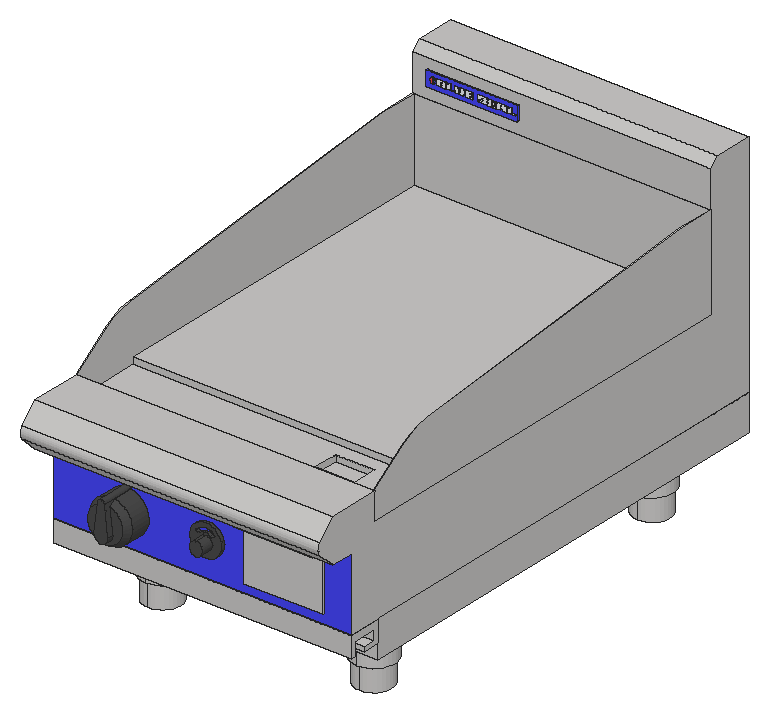
Revit family "QF_MOFFAT_BLUESEAL_CE_GP513-B", category Specialty Equipment, Revit 2012
Parameters
  Width = 450 mm
  Weight in Pounds = 169  # constant formula
  URL Cutsheet = "www.moffat.com"
  URL = "www.moffat.com"
  Type Mark [instance] = ""
  Status [instance] = ""
  Specification by User [instance] = ""
  Specification by Manufacturer = ""
  Show Logo [instance] = yes
  Serial Number = ""
  Seismic Rating = ""
  SMACNA No = ""
  Revision Code [instance] = ""
  Omniclass Number and Title = ""
  NAFEM Spec ID Number = ""
  Model = "GP513-B"
  Mechanical Remarks = ""
  Mechanical Connection Type = ""
  Masterspec = ""
  Manufacturer = "MOFFAT BLUESEAL"
  Keynote = ""
  Item Number [instance] = ""
  Installed By [instance] = ""
  Identify Quantity as Lot [instance] = yes
  Gas Size = 3/4"
  Gas RI Height [instance] = 0 mm
  Gas KW = 11.1
  Gas Input = 37912.0 Btu/h
  Gas Connection Height = 0 mm
  Furnished By [instance] = ""
  Foodservice Equipment Identifier [instance] = yes
  Description = "450MM GAS GRIDDLE PLATE BENCH MOUNT"
  Depth = 812 mm
  CSI MasterFormat = ""
  CSI Master Format = ""
  Base Height [instance] = 85 mm  # constant formula
Reference planes
  plane 1 "BACK": y = 0
  plane 2: z = 0
  plane 3 "LEFT": x = 0
  plane 4 "RIGHT": x = 450
  plane 5 "FRONT": y = -812
  plane 6 "TOP": z = 370
  plane 7 "Center Y": x = 225
  plane 8 "Center X": y = -406
  plane 9 "Base Height": z = 85
  plane 10: z = 110
  plane 11: y = -31
  plane 12: z = 485
  plane 13: y = -100
  plane 14: y = -625
Forms (mm)
  Extrusion 1, solid, material "QF_Finishes_Stainless Steel"
    sketch origin (0, 0, 0) x (0, 1, 0) y (0, 0, 1)
      loop
        line (-749, 250) -> (-749, 140) -> (0, 140) -> (0, 485) -> (-57.5, 485) -> (-70, 472.5) -> (-70, 275) -> (-705, 275) -> (-705, 315) -> (-783.97, 315) -> (-808.485, 290.485)
        arc (-808.485, 290.485) -> (-811.999, 282) -> (-808.485, 273.515) r 12
        line (-808.485, 273.515) -> (-784.97, 250) -> (-749, 250)
      loop
        line (0, 85) -> (0, 139.206) -> (-699, 139.206) -> (-699, 85) -> (0, 85)
      loop
        line (-749, 139.206) -> (-749, 107.019) -> (-742.6, 107.019) -> (-742.6, 127.806) -> (-706.181, 127.806) -> (-706.181, 113.419) -> (-724.781, 113.419) -> (-724.781, 107.019) -> (-699.806, 107.019) -> (-699.806, 139.206) -> (-749, 139.206)
    from 0 to 450
  Revolve 2, solid, material "QF_Finishes_Stainless Steel"
    sketch origin (65.5, -728, 0) x (0, 1, 0) y (0, 0, 1)
      loop
        line (71.25, 85) -> (71.25, 35) -> (75.5, 35) -> (75.5, 0) -> (103, 0) -> (103, 85) -> (71.25, 85)
      axis (103, 85) -> (103, 0)
    angle from 0 to 360
  Revolve 3, solid, material "QF_Finishes_Stainless Steel"
    sketch origin (65.5, -211, 0) x (0, 1, 0) y (0, 0, 1)
      loop
        line (79.25, 85) -> (79.25, 35) -> (83.5, 35) -> (83.5, 0) -> (111, 0) -> (111, 85) -> (79.25, 85)
      axis (111, 85) -> (111, 0)
    angle from 0 to 360
  Revolve 4, solid, material "QF_Finishes_Black"
    sketch origin (119.018, 0, 22.808) x (0, -1, 0) y (0, 0, -1)
      loop
        line (789, -204.605) -> (800, -198.757) -> (800, -172.105) -> (749, -172.105) -> (749, -177.105) -> (759, -177.105) -> (759, -204.605) -> (789, -204.605)
      axis (800, -172.105) -> (749, -172.105)
    angle from 0 to 360
  Extrusion 5, solid, material "QF_Finishes_Black"
    sketch origin (184.951, 0, -79.102) x (-1, 0, 0) y (0, 0, -1)
      loop
        line (55.512, -263.597) -> (60.932, -306.515)
        arc (60.932, -306.515) -> (65.931, -311.402) -> (70.93, -306.515) r 5
        line (70.93, -306.515) -> (76.418, -262.43)
        arc (76.418, -262.43) -> (65.347, -251.931) -> (55.512, -263.597) r 10.487
    from 759 to 808
  Extrusion 6, solid, material "QF_Finishes_Stainless Steel"
    sketch origin (0, 0, 85) x (-1, 0, 0) y (0, 1, 0)
      loop
        circle (-320, -32) r 9.525
    from 0 to 15
  Revolve 7, solid, material "QF_Finishes_Stainless Steel"
    sketch origin (384.5, -728, 0) x (0, 1, 0) y (0, 0, -1)
      loop
        line (71.25, -85) -> (103, -85) -> (103, 0) -> (75.5, 0) -> (75.5, -35) -> (71.25, -35) -> (71.25, -85)
      axis (103, -85) -> (103, 0)
    angle from 0 to 360
  Revolve 8, solid, material "QF_Finishes_Stainless Steel"
    sketch origin (384.5, -211, 0) x (0, 1, 0) y (0, 0, -1)
      loop
        line (79.25, -85) -> (111, -85) -> (111, 0) -> (83.5, 0) -> (83.5, -35) -> (79.25, -35) -> (79.25, -85)
      axis (111, -85) -> (111, 0)
    angle from 0 to 360
  Extrusion 9, solid, material "QF_Finishes_Black"
    sketch origin (-1.25, -749, 264.021) x (0, 0, -1) y (1, 0, 0)
      loop
        circle (70, 235) r 24
      loop
        arc (60.1, 249.913) -> (52.064, 235.125) -> (59.882, 220.219) r 17.868
        arc (59.882, 220.219) -> (60.362, 219.934) -> (60.877, 220.149) r 0.621
        arc (60.877, 220.149) -> (62.314, 222.708) -> (62.658, 225.622) r 7.495
        arc (62.658, 225.622) -> (62.454, 226.55) -> (62.006, 227.388) r 3.472
        arc (62.006, 227.388) -> (59.714, 234.851) -> (61.844, 242.362) r 13.786
        arc (61.844, 242.362) -> (62.484, 243.632) -> (62.749, 245.028) r 5.101
        arc (62.749, 245.028) -> (62.378, 247.547) -> (61.084, 249.739) r 6.611
        arc (61.084, 249.739) -> (60.622, 249.997) -> (60.1, 249.913) r 0.806
    from 0 to 5
  Extrusion 10, solid, material "QF_Finishes_Black"
    sketch origin (-1.25, -754, 264.021) x (0, 0, -1) y (1, 0, 0)
      loop
        circle (73.5, 235) r 10
    from 0 to 18.251
  Extrusion 11, solid, material "QF_Finishes_Stainless Steel"
    sketch origin (450, -749, 267.771) x (0, 0, -1) y (1, 0, 0)
      loop
        line (26.5, -161) -> (113.5, -161) -> (113.5, -42) -> (26.5, -42) -> (26.5, -161)
    from 0 to 2.5
  Extrusion 12, solid, material "QF_Finishes_Stainless Steel"
    sketch origin (450, 0, -598.229) x (0, -1, 0) y (0, 0, 1)
      loop
        line (751.5, 839.5) -> (751.5, 837) -> (769.695, 837) -> (769.695, 839.5) -> (751.5, 839.5)
    from 42 to 161
Cuts and joins
  joined: Revolve 4, Extrusion 5
Lines and regions (mm)
  Split face 1
    outline origin (0, -56.5, 485) x (0, 1, 0) y (-1, 0, 0)
      loop
        arc (38.115, -32.794) -> (33.115, -24.134) -> (23.115, -24.134) r 10
        line (23.115, -24.134) -> (16.115, -28.176)
        arc (16.115, -28.176) -> (12.455, -31.836) -> (11.115, -36.836) r 10
        line (11.115, -36.836) -> (11.115, -414.794)
        arc (11.115, -414.794) -> (16.115, -423.455) -> (26.115, -423.455) r 10
        line (26.115, -423.455) -> (33.115, -419.413)
        arc (33.115, -419.413) -> (36.775, -415.753) -> (38.115, -410.753) r 10
        line (38.115, -410.753) -> (38.115, -32.794)
  symbolic lines
    curve 1: line (0, 0, 0) -> (0, -812, 0)
    curve 2: line (450, 0, 0) -> (0, 0, 0)
    curve 3: line (450, -812, 0) -> (450, 0, 0)
    curve 4: line (0, -70, 0) -> (450, -70, 0)
    curve 5: line (0, -812, 0) -> (450, -812, 0)
    curve 6: line (450, -705, 0) -> (0, -705, 0)
    curve 7: line (0, -783.97, 0) -> (450, -783.97, 0)
    curve 8: line (0, -57.5, 0) -> (450, -57.5, 0)
    curve 9: line (2, -705, 0) -> (2, -70, 0)
    curve 10: line (448, -70, 0) -> (448, -705, 0)
    curve 11: line (410.753, -18.385, 0) -> (32.794, -18.385, 0)
    curve 12: arc (32.794, -18.385, 0) -> (24.134, -23.385, 0) -> (24.134, -33.385, 0) r 10
    curve 13: line (24.134, -33.385, 0) -> (28.176, -40.385, 0)
    curve 14: arc (28.176, -40.385, 0) -> (31.836, -44.045, 0) -> (36.836, -45.385, 0) r 10
    curve 15: line (36.836, -45.385, 0) -> (414.794, -45.385, 0)
    curve 16: arc (414.794, -45.385, 0) -> (423.455, -40.385, 0) -> (423.455, -30.385, 0) r 10
    curve 17: line (423.455, -30.385, 0) -> (419.413, -23.385, 0)
    curve 18: arc (419.413, -23.385, 0) -> (415.753, -19.725, 0) -> (410.753, -18.385, 0) r 10
Dimensions and locks
  equal spacing: plane 3 "LEFT", plane 7 "Center Y", plane 4 "RIGHT"
  "Width": plane 3 "LEFT" to plane 4 "RIGHT"
  equal spacing: plane 5 "FRONT", plane 8 "Center X", plane 1 "BACK"
  "Depth": plane 5 "FRONT" to plane 1 "BACK"
  equal spacing: plane 4 "RIGHT", plane 7 "Center Y", plane 3 "LEFT"
  plane 4 "RIGHT" to plane 3 "LEFT" = 450 mm
  plane 5 "FRONT" to plane 1 "BACK" = 812 mm
  "Base Height": plane 9 "Base Height" to level
  Revolve 4 sketch curve to Revolve 4 sketch curve to Revolve 4 sketch curve to Revolve 4 sketch curve = 5.849 mm locked, 21.651 mm locked, 5 mm locked
  plane 10 to level = 110 mm
  plane 11 to plane 1 "BACK" = 31 mm
  locked: plane 12 to plane 9 "Base Height" at 400
  plane 14 to plane 13 = 525 mm
  Extrusion 6 sketch curve to plane 4 "RIGHT" = 130 mm
  aligned and locked: level to plane 2
  aligned and locked: curve 3 to plane 4 "RIGHT"
  aligned and locked: Revolve 4 sketch curve to Extrusion 1
  aligned and locked: Extrusion 1 sketch curve to plane 12
Automatic sketch dimensions
  Extrusion 1 sketch curve to plane 9 "Base Height" = 0 mm
  Extrusion 1 sketch curve to plane 1 "BACK" = 0 mm  (x2)
  Extrusion 1 sketch curve to plane 11 = 26.5 mm
  Extrusion 1 sketch curve to Extrusion 1 sketch curve = 12.5 mm
  plane 10 to Extrusion 1 sketch curve = 29.206 mm
  Extrusion 1 sketch curve to plane 14 = 74 mm
  Extrusion 1 sketch curve to plane 10 = 2.981 mm  (x2)
  Extrusion 1 sketch curve to Extrusion 1 sketch curve = 0.806 mm
  Extrusion 1 sketch curve to plane 14 = 80 mm
  Extrusion 1 sketch curve to Extrusion 1 sketch curve = 6.376 mm
  Extrusion 1 sketch curve to Extrusion 1 sketch curve = 18.6 mm
  Extrusion 1 sketch curve to Extrusion 1 sketch curve = 17.819 mm
  Extrusion 1 sketch curve to Extrusion 1 sketch curve = 6.4 mm
  Extrusion 1 sketch curve to Extrusion 1 sketch curve = 0 mm  (x2)
  Extrusion 1 sketch curve to plane 5 "FRONT" = 28.03 mm
  Extrusion 1 sketch curve to plane 5 "FRONT" = 27.03 mm
  Extrusion 1 sketch curve to plane 5 "FRONT" = 12.001 mm
  Extrusion 1 sketch curve to plane 5 "FRONT" = 3.515 mm  (x2)
  plane 10 to Extrusion 1 sketch curve = 3.419 mm
  plane 10 to Extrusion 1 sketch curve = 17.806 mm
  Extrusion 1 sketch curve to Extrusion 1 sketch curve = 0.794 mm
  Extrusion 1 sketch curve to Extrusion 1 sketch curve = 110 mm
  Extrusion 1 sketch curve to Extrusion 1 sketch curve = 23.515 mm
  Extrusion 1 sketch curve to plane 6 "TOP" = 95 mm
  Extrusion 1 sketch curve to Extrusion 1 sketch curve = 8.485 mm
  Extrusion 1 sketch curve to Extrusion 1 sketch curve = 24.515 mm
  Extrusion 1 sketch curve to plane 12 = 12.5 mm
  Revolve 2 sketch curve to plane 9 "Base Height" = 0 mm
  Revolve 2 sketch curve to level = 0 mm
  Revolve 2 sketch curve to plane 14 = 0 mm  (x2)
  Revolve 2 sketch curve to Revolve 2 sketch curve = 27.5 mm
  Revolve 2 sketch curve to Revolve 2 sketch curve = 31.75 mm
  Revolve 2 sketch curve to Revolve 2 sketch curve = 55 mm
  level to Revolve 2 sketch curve = 35 mm
  Revolve 2 sketch curve to Revolve 2 sketch curve = 30 mm
  Revolve 3 sketch curve to plane 9 "Base Height" = 0 mm
  Revolve 3 sketch curve to level = 0 mm
  Revolve 3 sketch curve to plane 13 = 0 mm  (x2)
  Revolve 3 sketch curve to Revolve 3 sketch curve = 27.5 mm
  Revolve 3 sketch curve to Revolve 3 sketch curve = 31.75 mm
  Revolve 3 sketch curve to Revolve 3 sketch curve = 55 mm
  level to Revolve 3 sketch curve = 35 mm
  Revolve 3 sketch curve to Revolve 3 sketch curve = 30 mm
  Revolve 4 sketch curve to Revolve 4 sketch curve = 10 mm
  Revolve 4 sketch curve to Revolve 4 sketch curve = 21.3 mm
  Revolve 4 sketch curve to plane 5 "FRONT" = 23 mm
  Revolve 4 sketch curve to plane 5 "FRONT" = 12 mm
  Revolve 4 sketch curve to Revolve 4 sketch curve = 0 mm  (x2)
  plane 10 to Revolve 4 sketch curve = 117.413 mm
  Extrusion 5 sketch curve to plane 7 "Center Y" = 95.56 mm
  Extrusion 5 sketch curve to plane 7 "Center Y" = 100.981 mm
  Extrusion 5 sketch curve to Extrusion 5 sketch curve = 4.999 mm  (x2)
  plane 10 to Extrusion 5 sketch curve = 117.413 mm
  Extrusion 5 sketch curve to Extrusion 5 sketch curve = 0.113 mm
  Extrusion 5 sketch curve to Extrusion 5 sketch curve = 42.919 mm
  Extrusion 5 sketch curve to Extrusion 5 sketch curve = 1.167 mm
  Extrusion 1 to Extrusion 6 sketch curve = 32 mm
  Split face 1 sketch curve to Extrusion 1 = 12.115 mm
  Split face 1 sketch curve to Split face 1 sketch curve = 5 mm  (x3)
  Split face 1 sketch curve to Split face 1 sketch curve = 10 mm  (x2)
  Split face 1 sketch curve to Split face 1 sketch curve = 7 mm  (x4)
  Split face 1 sketch curve to Extrusion 1 = 26.545 mm
  Split face 1 sketch curve to Split face 1 sketch curve = 4.041 mm  (x2)
  Split face 1 sketch curve to Extrusion 1 = 36.836 mm
  Revolve 7 sketch curve to plane 9 "Base Height" = 0 mm
  Revolve 7 sketch curve to level = 0 mm
  Revolve 7 sketch curve to plane 14 = 0 mm  (x2)
  Revolve 7 sketch curve to Revolve 7 sketch curve = 27.5 mm
  Revolve 7 sketch curve to Revolve 7 sketch curve = 31.75 mm
  Revolve 7 sketch curve to Revolve 7 sketch curve = 30 mm
  Revolve 7 sketch curve to Revolve 7 sketch curve = 20 mm
  Revolve 7 sketch curve to level = 55 mm
  Revolve 8 sketch curve to plane 9 "Base Height" = 0 mm
  Revolve 8 sketch curve to level = 0 mm
  Revolve 8 sketch curve to plane 13 = 0 mm  (x2)
  Revolve 8 sketch curve to Revolve 8 sketch curve = 27.5 mm
  Revolve 8 sketch curve to Revolve 8 sketch curve = 31.75 mm
  Revolve 8 sketch curve to Revolve 8 sketch curve = 30 mm
  Revolve 8 sketch curve to Revolve 8 sketch curve = 20 mm
  Revolve 8 sketch curve to level = 55 mm
  Extrusion 5 sketch curve to Extrusion 5 sketch curve = 10.419 mm
  Extrusion 5 sketch curve to Extrusion 5 sketch curve = 10.487 mm
  plane 1 "BACK" to curve 1 = 0 mm
  curve 1 to plane 3 "LEFT" = 0 mm
  plane 5 "FRONT" to curve 1 = 0 mm
  plane 3 "LEFT" to curve 9 = 2 mm
  curve 13 to plane 11 = 2.385 mm
  plane 3 "LEFT" to curve 13 = 24.134 mm
  curve 13 to curve 14 = 4.041 mm
  plane 11 to curve 12 = 2.615 mm
  curve 12 to curve 12 = 8.66 mm
  curve 14 to plane 11 = 4.385 mm
  curve 12 to curve 14 = 4.041 mm
  plane 4 "RIGHT" to curve 11 = 39.247 mm
  curve 18 to curve 16 = 4.041 mm
  plane 11 to curve 18 = 7.615 mm
  curve 18 to curve 18 = 8.66 mm
  plane 11 to curve 17 = 0.615 mm
  curve 17 to curve 17 = 4.041 mm
  plane 4 "RIGHT" to curve 10 = 2 mm
  curve 7 to plane 5 "FRONT" = 28.03 mm
  curve 7 to curve 6 = 78.97 mm
  plane 13 to curve 9 = 30 mm
  curve 4 to curve 8 = 12.5 mm
  curve 16 to plane 11 = 14.385 mm
  plane 7 "Center Y" to Extrusion 9 sketch curve = 8.75 mm  (x2)
  Extrusion 9 sketch curve to plane 7 "Center Y" = 1.223 mm
  Extrusion 9 sketch curve to plane 12 = 276.166 mm
  plane 7 "Center Y" to Extrusion 9 sketch curve = 19.093 mm
  Extrusion 9 sketch curve to Extrusion 9 sketch curve = 0.958 mm
  Extrusion 9 sketch curve to Extrusion 9 sketch curve = 1.509 mm
  Extrusion 9 sketch curve to Extrusion 9 sketch curve = 4.01 mm
  Extrusion 9 sketch curve to Extrusion 9 sketch curve = 0.685 mm
  Extrusion 9 sketch curve to Extrusion 9 sketch curve = 2.447 mm
  Extrusion 9 sketch curve to Extrusion 9 sketch curve = 0.524 mm
  Extrusion 9 sketch curve to Extrusion 9 sketch curve = 0.381 mm
  Extrusion 9 sketch curve to Extrusion 9 sketch curve = 0.472 mm
  Extrusion 9 sketch curve to Extrusion 9 sketch curve = 0 mm  (x4)
  Extrusion 9 sketch curve to Extrusion 9 sketch curve = 0.602 mm
  Extrusion 9 sketch curve to Extrusion 9 sketch curve = 4.19 mm
  Extrusion 9 sketch curve to Extrusion 9 sketch curve = 2.809 mm
  Extrusion 9 sketch curve to Extrusion 9 sketch curve = 0.652 mm
  Extrusion 9 sketch curve to Extrusion 9 sketch curve = 0.905 mm
  plane 7 "Center Y" to Extrusion 9 sketch curve = 8.743 mm
  Extrusion 9 sketch curve to Extrusion 9 sketch curve = 8.087 mm
  Extrusion 9 sketch curve to Extrusion 9 sketch curve = 0.069 mm
  Extrusion 9 sketch curve to Extrusion 9 sketch curve = 3.5 mm
  plane 4 "RIGHT" to Extrusion 11 sketch curve = 42 mm
  Extrusion 11 sketch curve to plane 12 = 243.729 mm
  Extrusion 11 sketch curve to Extrusion 11 sketch curve = 87 mm
  plane 7 "Center Y" to Extrusion 11 sketch curve = 64 mm
  Extrusion 12 sketch curve to plane 5 "FRONT" = 60.5 mm
  Extrusion 12 sketch curve to Extrusion 12 sketch curve = 18.195 mm
  Extrusion 12 sketch curve to plane 12 = 246.229 mm
  Extrusion 12 sketch curve to Extrusion 12 sketch curve = 2.5 mm
  radius of Extrusion 6 sketch curve = 9.525 mm
  radius of Extrusion 9 sketch curve = 24 mm
  radius of Extrusion 10 sketch curve to Extrusion 9 = 3.786 mm
Nested families
  nested 1: "WALDORF LOGO_FACE BASE" at (20.878, -70, 457.385) x (1, 0, 0) z (0, -1, 0), visible <- "Show Logo", type "WALDORF LOGO_FACE BASE", detail levels medium+fine
    with Show Logo yes
  nested 2: "GAS GRIDDLE PLATE 450" at (0, -70, 274.5), type "GAS GRIDDLE PLATE 450"
    with Width 450 mm, Type Mark "", Status "", Specification by User "", Show Clearance yes, Revision Code "", Number of Poles 1, Mechanical Remarks "", Mechanical Connection Type "", Item Number "", Installed By "", Identify Quantity as Lot yes, Gas RI Height 0 mm, Gas KW 0, Gas Input 0.0 Btu/h, Furnished By "", Foodservice Equipment Identifier yes, Electrical Remarks "", Electric Connection Type "", Elec Conn RI Height 0 mm, Elec Conn Connection Height 0 mm, Depth 635 mm
Connectors
  piping at (320, -32, 70)
    settings: on Extrusion 6, index 1, connector radius 0.37402", flow factor 0, pipe flow 0 GPM, pressure drop 0.00 psi, fitting loss kfactor 0, connector angle 0.00°, fixture units 0, engagement length 0 mm, flow configuration 1, flow direction 1, fitting loss method 0, system type 7, joint type 0, gender type 0, connector reference index -1, connector utility 0, adjustable connector no, is connector primary yes, fitting loss table "", connector description "GAS CONNECTION"
Definition of nested family "WALDORF LOGO_FACE BASE"
  Parameters (values of type "WALDORF LOGO_FACE BASE")
    Show Logo [instance] = yes
    Default Elevation = 1219.2 mm
  Reference planes
    plane 1 "Center (Front/Back)": y = 0
    plane 2: z = 0
    plane 3 "Center (Left/Right)": x = 0
  Forms (mm)
    Extrusion 1, solid
      sketch origin (0, 0, 0) x (1, 0, 0) y (0, 1, 0)
        loop
          line (-1219.2, 1219.2) -> (-1219.2, -1219.2) -> (1219.2, -1219.2) -> (1219.2, 1219.2) -> (-1219.2, 1219.2)
      from 0 to -304.8
    Extrusion 2, solid, material "QF_Finishes_Blue", visible <- "Show Logo"
      sketch origin (0, -33.217, 0) x (1, 0, 0) y (0, 1, 0)
        loop
          arc (138, 31.942) -> (137.626, 32.844) -> (136.724, 33.217) r 1.276
          line (136.724, 33.217) -> (1.29, 33.217)
          arc (1.29, 33.217) -> (0.378, 32.839) -> (0, 31.927) r 1.29
          line (0, 31.927) -> (0, 11.507)
          arc (0, 11.507) -> (0.378, 10.595) -> (1.29, 10.217) r 1.29
          line (1.29, 10.217) -> (136.71, 10.217)
          arc (136.71, 10.217) -> (137.622, 10.595) -> (138, 11.507) r 1.29
          line (138, 11.507) -> (138, 31.942)
      from 0 to 1.588
    Extrusion 3, solid, material "QF_Finishes_White", visible <- "Show Logo"
      sketch origin (0, -33.217, 1.588) x (1, 0, 0) y (0, 1, 0)
        loop
          arc (108.946, 25.919) -> (107.613, 25.367) -> (107.061, 24.034) r 1.885
          line (107.061, 24.034) -> (107.061, 17.211) -> (112.704, 17.211) -> (112.704, 19.129) -> (115.546, 19.129) -> (115.546, 17.211) -> (121.584, 17.211) -> (121.584, 24.075)
          arc (121.584, 24.075) -> (121.043, 25.379) -> (119.739, 25.919) r 1.845
          line (119.739, 25.919) -> (108.946, 25.919)
        loop
          line (123.478, 25.919) -> (123.478, 17.163) -> (134.904, 17.163) -> (134.904, 19.129) -> (129.246, 19.129) -> (129.246, 25.919) -> (123.478, 25.919)
        loop
          line (112.704, 21.258) -> (115.546, 21.258) -> (115.546, 22.702)
          arc (115.546, 22.702) -> (115.344, 23.188) -> (114.858, 23.389) r 0.687
          line (114.858, 23.389) -> (113.363, 23.389)
          arc (113.363, 23.389) -> (112.897, 23.196) -> (112.704, 22.73) r 0.658
          line (112.704, 22.73) -> (112.704, 21.258)
        loop
          line (105.071, 25.919) -> (93.771, 25.919) -> (93.771, 17.163) -> (105.071, 17.163) -> (105.071, 19.063) -> (99.535, 19.063) -> (99.535, 20.437) -> (105.071, 20.437) -> (105.071, 22.278) -> (99.535, 22.278) -> (99.535, 23.587) -> (105.071, 23.587) -> (105.071, 25.919)
        loop
          line (91.104, 25.919) -> (79.541, 25.919)
          arc (79.541, 25.919) -> (78.558, 25.513) -> (78.152, 24.53) r 1.389
          line (78.152, 24.53) -> (78.152, 22.08)
          arc (78.152, 22.08) -> (78.558, 21.098) -> (79.541, 20.691) r 1.389
          line (79.541, 20.691) -> (86.346, 20.691) -> (86.346, 18.864) -> (83.266, 18.864) -> (83.266, 19.664) -> (78.152, 19.664) -> (78.152, 18.553)
          arc (78.152, 18.553) -> (78.558, 17.57) -> (79.541, 17.163) r 1.389
          line (79.541, 17.163) -> (91.063, 17.163)
          arc (91.063, 17.163) -> (92.045, 17.57) -> (92.452, 18.553) r 1.389
          line (92.452, 18.553) -> (92.452, 20.691)
          arc (92.452, 20.691) -> (92.045, 21.673) -> (91.063, 22.08) r 1.389
          line (91.063, 22.08) -> (83.266, 22.08) -> (83.266, 23.984) -> (86.346, 23.984) -> (86.346, 22.743) -> (92.452, 22.743) -> (92.452, 24.571)
          arc (92.452, 24.571) -> (92.057, 25.524) -> (91.104, 25.919) r 1.348
        loop
          line (70.705, 25.919) -> (59.405, 25.919) -> (59.405, 17.163) -> (70.705, 17.163) -> (70.705, 19.063) -> (65.169, 19.063) -> (65.169, 20.437) -> (70.705, 20.437) -> (70.705, 22.278) -> (65.169, 22.278) -> (65.169, 23.587) -> (70.705, 23.587) -> (70.705, 25.919)
        loop
          line (57.598, 25.919) -> (51.7, 25.919) -> (51.7, 20.18)
          arc (51.7, 20.18) -> (50.63, 19.11) -> (49.56, 20.18) r 1.07
          line (49.56, 20.18) -> (49.56, 25.919) -> (43.663, 25.919) -> (43.663, 19.049)
          arc (43.663, 19.049) -> (44.215, 17.716) -> (45.548, 17.163) r 1.885
          line (45.548, 17.163) -> (55.71, 17.163)
          arc (55.71, 17.163) -> (57.045, 17.716) -> (57.598, 19.051) r 1.887
          line (57.598, 19.051) -> (57.598, 25.919)
        loop
          line (31.62, 25.919) -> (31.62, 17.163) -> (43.046, 17.163) -> (43.046, 19.129) -> (37.388, 19.129) -> (37.388, 25.919) -> (31.62, 25.919)
        loop
          line (15.969, 25.919) -> (15.969, 17.163) -> (28.693, 17.163)
          arc (28.693, 17.163) -> (29.812, 17.627) -> (30.276, 18.746) r 1.582
          line (30.276, 18.746) -> (30.276, 20.447) -> (29.48, 21.243) -> (30.276, 22.039) -> (30.276, 24.332)
          arc (30.276, 24.332) -> (29.811, 25.454) -> (28.688, 25.919) r 1.587
          line (28.688, 25.919) -> (15.969, 25.919)
        loop
          line (21.449, 24.159) -> (21.449, 22.436) -> (23.862, 22.436)
          arc (23.862, 22.436) -> (24.723, 23.298) -> (23.862, 24.159) r 0.861
          line (23.862, 24.159) -> (21.449, 24.159)
        loop
          line (21.449, 20.244) -> (21.449, 18.522) -> (23.862, 18.522)
          arc (23.862, 18.522) -> (24.723, 19.383) -> (23.862, 20.244) r 0.861
          line (23.862, 20.244) -> (21.449, 20.244)
      from 0 to 0.2
    Extrusion 4, solid, material "QF_Finishes_Blue", visible <- "Show Logo"
      sketch origin (-126.498, -31.09, 1.588) x (1, 0, 0) y (0, 1, 0)
        loop
          line (136.738, 23.522) -> (136.738, 15.1)
          arc (136.738, 15.1) -> (140.756, 19.311) -> (136.738, 23.522) r 4.216
      from 0 to 0.2
    Extrusion 5, solid, material "QF_Finishes_Red", visible <- "Show Logo"
      sketch origin (146.849, -31.09, 1.588) x (-1, 0, 0) y (0, -1, 0)
        loop
          arc (136.738, -23.522) -> (140.756, -19.311) -> (136.738, -15.1) r 4.216
          line (136.738, -15.1) -> (136.738, -23.522)
      from 0 to 0.2
  Lines and regions (mm)
    Split face 1
      outline origin (-90.35, -30.793, 1.588) x (1, 0, 0) y (0, 1, 0)
        loop
          circle (100.54, 19.013) r 4.536
  Dimensions and locks
    aligned and locked: plane 2 to Extrusion 1
    aligned and locked: level to Extrusion 1
Definition of nested family "GAS GRIDDLE PLATE 450"
  Parameters (values of type "GAS GRIDDLE PLATE 450")
    Width [instance] = 450 mm
    Weight in Pounds = 0
    Watts = 0 W
    Volts = 0 V
    URL Cutsheet = ""
    Type Mark [instance] = ""
    Status [instance] = ""
    Specification by User [instance] = ""
    Specification by Manufacturer = ""
    Show Clearance [instance] = yes
    Serial Number = ""
    Seismic Rating = ""
    SMACNA No = ""
    Revision Code [instance] = ""
    Phase = 1
    Omniclass Number and Title = ""
    Number of Poles [instance] = 1
    NAFEM Spec ID Number = ""
    Min Ckt Ampacity = 0 A
    Mechanical Remarks [instance] = ""
    Mechanical Connection Type [instance] = ""
    Max Overcurrent Protection = 0 A
    Masterspec = ""
    Item Number [instance] = ""
    Installed By [instance] = ""
    Identify Quantity as Lot [instance] = yes
    HP = ""
    Gas Size = 0"
    Gas RI Height [instance] = 0 mm
    Gas KW [instance] = 0
    Gas Input [instance] = 0.0 Btu/h
    Gas Connection Height = 0 mm
    Furnished By [instance] = ""
    Foodservice Equipment Identifier [instance] = yes
    FL Amps = 0 A
    Electrical Remarks [instance] = ""
    Electric Connection Type [instance] = ""
    Elec Conn RI Height [instance] = 0 mm
    Elec Conn Connection Height [instance] = 0 mm
    Depth [instance] = 635 mm
    Cycle = 0 Hz
    Conn Plug = ""
    Conn Conduit = yes
    CSI MasterFormat = ""
    CSI Master Format = ""
    Apparent Power = if(Phase = 3, Volts * FL Amps * 1.73, Volts * FL Amps)  # 0 VA
  Reference planes
    plane 1 "BACK": y = 0
    plane 2: z = 0
    plane 3 "LEFT": x = 0
    plane 4 "RIGHT": x = 450
    plane 5 "FRONT": y = -635
    plane 6 "TOP": z = 142.5
    plane 7 "Center Y": x = 225
    plane 8 "Center X": y = -317.5
    plane 9: y = -530.997
    plane 10: y = -541.497
    plane 11: y = -503.25
    plane 12: y = -557.737
  Forms (mm)
    Extrusion 1, solid, material "QF_Finishes_Stainless Steel"
      sketch origin (0, 70.003, -874.5) x (0, 1, 0) y (0, 0, 1)
        loop
          line (-70, 875) -> (-70, 1017) -> (-127.048, 1017) -> (-604.533, 971.023)
          arc (-604.533, 971.023) -> (-629.56, 965.303) -> (-652.306, 953.399) r 100
          line (-652.306, 953.399) -> (-705.003, 916.5) -> (-705.003, 875) -> (-70, 875)
      from 0 to 1.8
    Extrusion 2, solid, material "QF_Finishes_Stainless Steel"
      sketch origin (600, 70.003, -874.5) x (0, -1, 0) y (0, 0, 1)
        loop
          line (70, 875) -> (705.003, 875) -> (705.003, 916.5) -> (652.306, 953.399)
          arc (652.306, 953.399) -> (629.56, 965.303) -> (604.533, 971.023) r 100
          line (604.533, 971.023) -> (127.048, 1017) -> (70, 1017) -> (70, 875)
      from 150 to 151.2
    Extrusion 3, solid, material "QF_Finishes_Stainless Steel"
      sketch origin (150, 70.003, -874.5) x (0, 1, 0) y (0, 0, 1)
        loop
          line (-70.003, 894) -> (-602.103, 894) -> (-602.103, 884.5) -> (-683.795, 884.5) -> (-683.795, 895) -> (-705.003, 895) -> (-705.003, 875) -> (-70.003, 875) -> (-70.003, 894)
      from -148.2 to 298.8
    Extrusion 4, void
      sketch origin (150, -561.497, 10) x (0, -1, 0) y (1, 0, 0)
        loop
          line (-9.205, 174.25) -> (29.295, 174.25) -> (29.295, 234.25) -> (-9.205, 234.25) -> (-9.205, 174.25)
      from -41.4 to 40.142
    Extrusion 5, solid, material "QF_Finishes_Stainless Steel"
      sketch origin (0, 0, 0) x (1, 0, 0) y (0, 1, 0)
        loop
          line (1.8, 0) -> (1.8, -1.2) -> (448.8, -1.2) -> (448.8, 0) -> (1.8, 0)
      from 19.5 to 142.5
  Cuts and joins
    Extrusion 4 cuts Extrusion 3
    joined: Extrusion 1, Extrusion 2, Extrusion 3
  Lines and regions (mm)
    symbolic lines
      curve 1: line (450, -532.1, 0) -> (0, -532.1, 0)
      curve 2: line (0, -613.792, 0) -> (450, -613.792, 0)
      curve 3: line (0, 0, 0) -> (450, 0, 0)
      curve 4: line (450, 0, 0) -> (450, -635, 0)
      curve 5: line (0, -635, 0) -> (0, 0, 0)
      curve 6: line (0, -635, 0) -> (450, -635, 0)
      curve 7: line (324.25, -552.292, 0) -> (384.25, -552.292, 0)
      curve 8: line (324.25, -590.792, 0) -> (324.25, -552.292, 0)
      curve 9: line (384.25, -590.792, 0) -> (324.25, -590.792, 0)
      curve 10: line (384.25, -552.292, 0) -> (384.25, -590.792, 0)
  Dimensions and locks
    equal spacing: plane 3 "LEFT", plane 7 "Center Y", plane 4 "RIGHT"
    "Width": plane 3 "LEFT" to plane 4 "RIGHT"
    equal spacing: plane 5 "FRONT", plane 8 "Center X", plane 1 "BACK"
    "Depth": plane 5 "FRONT" to plane 1 "BACK"
    locked: Extrusion 2 to Extrusion 2 at 1.2
    aligned and locked: level to plane 2
    aligned and locked: Extrusion 2 to plane 4 "RIGHT"
  Automatic sketch dimensions
    Extrusion 1 sketch curve to plane 5 "FRONT" = 0 mm
    Extrusion 1 sketch curve to plane 6 "TOP" = 0 mm
    plane 12 to Extrusion 1 sketch curve = 24.566 mm
    Extrusion 1 sketch curve to plane 12 = 23.207 mm
    Extrusion 1 sketch curve to level = 3.016 mm
    plane 11 to Extrusion 1 sketch curve = 21.695 mm
    plane 1 "BACK" to Extrusion 1 sketch curve = 57.045 mm
    Extrusion 1 sketch curve to plane 1 "BACK" = 0.003 mm
    level to Extrusion 1 sketch curve = 0.5 mm
    Extrusion 1 sketch curve to Extrusion 1 sketch curve = 41.5 mm
    Extrusion 1 sketch curve to plane 6 "TOP" = 63.601 mm
    Extrusion 2 sketch curve to plane 6 "TOP" = 0 mm
    Extrusion 2 sketch curve to plane 5 "FRONT" = 0 mm
    plane 12 to Extrusion 2 sketch curve = 24.566 mm
    Extrusion 2 sketch curve to plane 12 = 23.207 mm
    Extrusion 2 sketch curve to level = 3.016 mm
    plane 11 to Extrusion 2 sketch curve = 21.695 mm
    plane 1 "BACK" to Extrusion 2 sketch curve = 57.045 mm
    Extrusion 2 sketch curve to plane 1 "BACK" = 0.003 mm
    level to Extrusion 2 sketch curve = 0.5 mm
    Extrusion 2 sketch curve to Extrusion 2 sketch curve = 41.5 mm
    Extrusion 2 sketch curve to plane 6 "TOP" = 63.601 mm
    Extrusion 3 sketch curve to plane 5 "FRONT" = 0 mm
    Extrusion 3 sketch curve to plane 1 "BACK" = 0 mm
    level to Extrusion 3 sketch curve = 10 mm
    Extrusion 3 sketch curve to plane 5 "FRONT" = 21.208 mm
    plane 9 to Extrusion 3 sketch curve = 1.103 mm
    level to Extrusion 3 sketch curve = 0.5 mm
    Extrusion 3 sketch curve to Extrusion 3 sketch curve = 10.5 mm
    Extrusion 3 sketch curve to Extrusion 3 sketch curve = 9.5 mm
    Extrusion 4 sketch curve to plane 12 = 5.445 mm
    plane 12 to Extrusion 4 sketch curve = 33.055 mm
    plane 7 "Center Y" to Extrusion 4 sketch curve = 99.25 mm
    Extrusion 4 sketch curve to Extrusion 4 sketch curve = 60 mm
    plane 1 "BACK" to Extrusion 5 sketch curve = 0 mm
    plane 3 "LEFT" to Extrusion 5 sketch curve = 1.8 mm
    plane 4 "RIGHT" to Extrusion 5 sketch curve = 1.2 mm
    Extrusion 5 sketch curve to Extrusion 5 sketch curve = 1.2 mm
    curve 6 to plane 3 "LEFT" = 0 mm
    curve 4 to plane 4 "RIGHT" = 0 mm
    plane 5 "FRONT" to curve 6 = 0 mm
    plane 1 "BACK" to curve 3 = 0 mm
    curve 8 to plane 12 = 5.445 mm
    plane 7 "Center Y" to curve 8 = 99.25 mm
    curve 7 to curve 10 = 60 mm
    curve 2 to plane 5 "FRONT" = 21.208 mm
    plane 12 to curve 9 = 33.055 mm
    curve 1 to plane 12 = 25.637 mm
